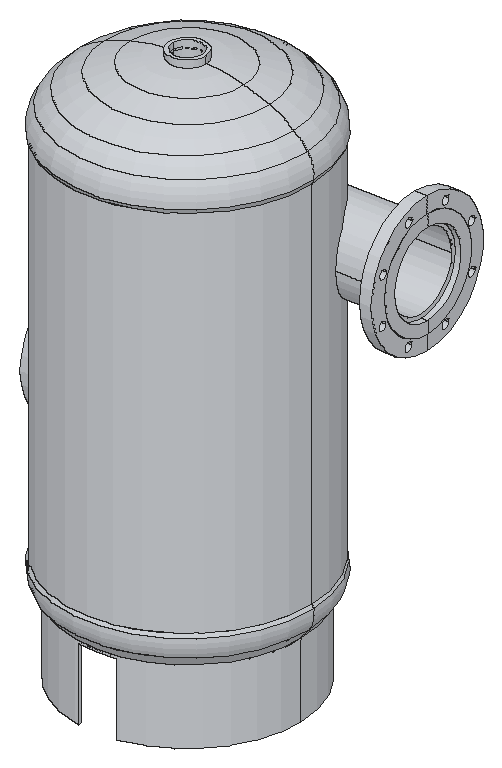
Revit family "SPA-6", category Generic Models, Revit 2014
Parameters (values of type "SPA-6")
  Width = 28"
  URL = "http://westank.com/"
  Model = "72001060"
  Maximum Flow = 850 GPM
  Manufacturer = "Wessels Company"
  Height = 44 1/2"
Reference planes (in)
  plane 1 "Center (Front/Back)": y = 0
  plane 2: z = 0
  plane 3 "Center (Left/Right)": x = 0
Forms (in)
  Extrusion 1, solid
    sketch origin (0, 0, 0) x (1, 0, 0) y (0, 1, 0)
      loop
        circle (0, 0) r 8.99606
      loop
        circle (0, 0) r 8.76037
    from 0 to 6.47317
  Extrusion 2, void
    sketch origin (0, 0, 0) x (1, 0, 0) y (0, 0, 1)
      loop
        line (-1.49606, 5.71096) -> (-1.49606, 0) -> (1.49606, 0) -> (1.49606, 5.71096) -> (-1.49606, 5.71096)
    from 2.17919 to 13.31141
  Extrusion 3, solid
    sketch origin (0, 0, 0) x (1, 0, 0) y (0, 1, 0)
      loop
        circle (0, 0) r 0.87598
    from 2.38926 to 3.72296
  Extrusion 4, solid
    sketch origin (0, 0, 0) x (1, 0, 0) y (0, 1, 0)
      loop
        circle (0, 0) r 0.6575
    from 2.32676 to 3.72296
  Extrusion 5, solid
    sketch origin (0, 0, 0) x (1, 0, 0) y (0, 1, 0)
      loop
        line (-0.17067, 0.5456) -> (-0.54552, -0.17054) -> (0.17207, -0.54615) -> (0.54692, 0.16999) -> (-0.17067, 0.5456)
    from 1.82676 to 3.72296
  Extrusion 6, solid
    sketch origin (0, 1.96767, 6.375) x (0, 1, 0) y (0, 0, 1)
      loop
        circle (4.27544, 24.375) r 3.30709
      loop
        circle (4.27544, 24.375) r 3.01276
    from 1.75 to 13.5
  Extrusion 7, solid
    sketch origin (0, 1.96767, 4.12496) x (0, 1, 0) y (0, 0, 1)
      loop
        circle (4.27544, 12.12504) r 3.30709
      loop
        circle (4.27544, 12.12504) r 3.01276
    from -13.5 to -1.75
  Revolve 8, solid
    sketch origin (0, 0, 0) x (1, 0, 0) y (0, 0, 1)
      loop
        line (-9.82401, 38.37588) -> (-9.82401, 8.62588) -> (-9.99416, 8.33118)
        arc (-9.99416, 8.33118) -> (-9.95054, 7.51823) -> (-9.63337, 6.76843) r 2.36068
        arc (-9.63337, 6.76843) -> (-8.54268, 5.48821) -> (-7.15547, 4.53732) r 6.38273
        arc (-7.15547, 4.53732) -> (-5.17691, 3.74077) -> (-3.09117, 3.29475) r 12.41099
        arc (-3.09117, 3.29475) -> (-1.54806, 3.12963) -> (0, 3.02031) r 43.00429
        line (0, 3.02031) -> (0, 3.12201)
        arc (0, 3.12201) -> (-1.54174, 3.23103) -> (-3.07855, 3.39552) r 42.90273
        arc (-3.07855, 3.39552) -> (-5.14721, 3.83789) -> (-7.10958, 4.62793) r 12.30943
        arc (-7.10958, 4.62793) -> (-8.47472, 5.56369) -> (-9.54805, 6.82354) r 6.28116
        arc (-9.54805, 6.82354) -> (-9.85314, 7.54786) -> (-9.89161, 8.33288) r 2.25912
        line (-9.89161, 8.33288) -> (-9.72245, 8.62588) -> (-9.72245, 38.45818) -> (-9.91792, 38.79673)
        arc (-9.91792, 38.79673) -> (-9.79301, 39.68792) -> (-9.40377, 40.49928) r 2.93271
        arc (-9.40377, 40.49928) -> (-8.93144, 41.08507) -> (-8.37459, 41.59119) r 4.8755
        arc (-8.37459, 41.59119) -> (-7.45752, 42.21141) -> (-6.46697, 42.70588) r 8.41598
        arc (-6.46697, 42.70588) -> (-5.46971, 43.07814) -> (-4.45376, 43.39591) r 19.67168
        arc (-4.45376, 43.39591) -> (-2.24682, 43.81881) -> (0, 43.85439) r 12.96789
        line (0, 43.85439) -> (0, 43.95621)
        arc (0, 43.95621) -> (-2.26081, 43.91947) -> (-4.48144, 43.49362) r 13.06945
        arc (-4.48144, 43.49362) -> (-5.50294, 43.17411) -> (-6.50566, 42.79979) r 19.77325
        arc (-6.50566, 42.79979) -> (-7.50848, 42.29926) -> (-8.43689, 41.6714) r 8.51755
        arc (-8.43689, 41.6714) -> (-9.00534, 41.15473) -> (-9.48752, 40.55674) r 4.97706
        arc (-9.48752, 40.55674) -> (-9.90226, 39.67647) -> (-10.01701, 38.71017) r 3.03428
        line (-10.01701, 38.71017) -> (-9.82401, 38.37588)
      axis (0, 43.95621) -> (0, 3.02031)
    angle from 0 to 360
  Extrusion 9, solid
    sketch origin (-6, -180, 22.2985) x (-1, 0, 0) y (0, -1, 0)
      loop
        circle (-5.99489, -180) r 1.43701
      loop
        circle (-6, -180) r 1.1811
    from 20.80157 to 22.18871
  Revolve 10, solid
    sketch origin (0, 6.24115, 6.375) x (1, 0, 0) y (0, 0, 1)
      loop
        line (12.43716, 27.6818) -> (14, 27.6818) -> (14, 28.62509) -> (13.9375, 28.62509) -> (13.9375, 29.875) -> (13.00098, 29.875) -> (13.00098, 28.15662) -> (12.43716, 28.15662) -> (12.43716, 27.6818)
      axis (14, 24.375) -> (12.43716, 24.375)
    angle from 0 to 360
  Revolve 11, solid
    sketch origin (0, 6.24506, 3.65215) x (1, 0, 0) y (0, 0, 1)
      loop
        line (-12.43947, 15.90041) -> (-12.43947, 16.38706) -> (-13.00098, 16.38706) -> (-13.00098, 18.09756) -> (-13.9375, 18.09756) -> (-13.9375, 16.84904) -> (-14, 16.84904) -> (-14, 15.90041) -> (-12.43947, 15.90041)
      axis (-12.43947, 12.75417) -> (-14, 12.75417)
    angle from 0 to 360
  Extrusion 12, void
    sketch origin (0, 2.50087, 4.15215) x (0, 1, 0) y (0, 0, 1)
      loop
        circle (5.54889, 16.49273) r 0.37795
      loop
        circle (1.92835, 16.47749) r 0.37795
      loop
        circle (-0.653, 13.92068) r 0.37795
      loop
        circle (-0.64073, 10.25893) r 0.37795
      loop
        circle (1.94116, 7.72633) r 0.37795
      loop
        circle (5.56516, 7.69932) r 0.37795
      loop
        circle (8.11987, 10.28251) r 0.37795
      loop
        circle (8.12581, 13.92024) r 0.37795
    from -14.85308 to -11.54381
  Extrusion 13, void
    sketch origin (0, 2.21571, 18.81246) x (0, 1, 0) y (0, 0, 1)
      loop
        circle (5.8481, 16.31889) r 0.37795
      loop
        circle (2.20911, 16.31263) r 0.37795
      loop
        circle (-0.32254, 13.75581) r 0.37795
      loop
        circle (-0.37276, 10.11868) r 0.37795
      loop
        circle (2.19116, 7.53686) r 0.37795
      loop
        circle (5.83977, 7.55906) r 0.37795
      loop
        circle (8.43471, 10.11765) r 0.37795
      loop
        circle (8.42502, 13.7464) r 0.37795
    from 10.99796 to 15.18419
  Extrusion 14, void
    sketch origin (-6, -180, 22.2985) x (-1, 0, 0) y (0, -1, 0)
      loop
        circle (-6.00511, -180) r 1.1811
    from 20.34469 to 22.76917
Cuts and joins
  Extrusion 2 cuts Extrusion 1
  Extrusion 14 cuts Revolve 8
  joined: Extrusion 1, Revolve 8
  Extrusion 12 cuts Revolve 11
  Extrusion 13 cuts Revolve 10
Dimensions and locks (in)
  diameter of Extrusion 1 sketch curve = 17.99213"
  diameter of Extrusion 1 sketch curve = 17.52073"
  diameter of Extrusion 3 sketch curve = 1.75197"
  diameter of Extrusion 4 sketch curve = 1.315"
  diameter of Extrusion 6 sketch curve = 6.61417"
  diameter of Extrusion 6 sketch curve = 6.02551"
  diameter of Extrusion 7 sketch curve = 6.61417"
  diameter of Extrusion 7 sketch curve = 6.02551"
  diameter of Extrusion 9 sketch curve = 2.87402"
  diameter of Extrusion 9 sketch curve = 2.3622"
  diameter of Extrusion 14 sketch curve = 2.3622"
  aligned and locked: plane 2 to level
Connectors (in)
  piping at (0, 0, 2.32676), diameter 1
    settings: on Extrusion 4, index 3, connector inside diameter 24", connector length 0", flow factor 0, pipe flow 0 GPM, pressure drop 0.00 psi, fitting loss kfactor 0, connector angle 0.00°, fixture units 0, engagement length 0", angle of deflection 0.00°, flow configuration 0, flow direction 0, fitting loss method 0, system type 7, joint type 0, gender type 0, connector reference index -1, connector utility 0, adjustable connector no, is connector primary yes, connector description ""
  piping at (14, 6.24115, 30.75), diameter 6.5
    settings: on Revolve 10, index 4, connector inside diameter 24", connector length 0", flow factor 0, pipe flow 0 GPM, pressure drop 0.00 psi, fitting loss kfactor 0, connector angle 0.00°, fixture units 0, engagement length 0", angle of deflection 0.00°, flow configuration 0, flow direction 0, fitting loss method 0, system type 7, joint type 0, gender type 0, connector reference index -1, connector utility 0, adjustable connector no, is connector primary no, connector description ""
  piping at (-14, 6.24506, 16.40632), diameter 6.5
    settings: on cut or joined group of Revolve 11, Extrusion 12, index 5, connector inside diameter 24", connector length 0", flow factor 0, pipe flow 0 GPM, pressure drop 0.00 psi, fitting loss kfactor 0, connector angle 0.00°, fixture units 0, engagement length 0", angle of deflection 0.00°, flow configuration 0, flow direction 0, fitting loss method 0, system type 7, joint type 0, gender type 0, connector reference index -1, connector utility 0, adjustable connector no, is connector primary no, connector description ""
